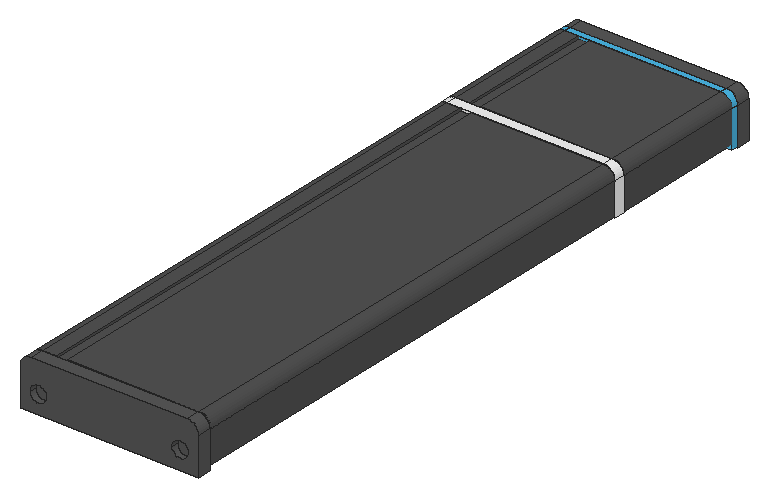
Revit family "JC KONTAKTER JCK297 SV", category Specialty Equipment, host Face, Revit 2025
Family settings
  Host = Face
  Round Connector Dimension = Use Diameter
  Part Type = Normal
  Enable Cutting in Views = Yes
  Cut with Voids When Loaded = No
  Maintain Annotation Orientation = Yes
  Shared = No
  Room Calculation Point = No
Parameters (values of type "JCK297")
  Voltage = 24 V
  Underdel = Aluminum ENAW 6060
  URL = "https://jckontakter.se/produkt/armbagskontakter-metall/armbagskontakt-led-jck297/"
  Tillverkningsland = "Sverige"
  Tekniskt produktblad = "https://jckontakter.se/wp-content/uploads/Tekniskt-produktblad_JCK297.pdf"
  Produktvikt = "0.396 kg"
  Power factor = 1
  Placering av armbågskontakt = "https://jckontakter.se/start/nyheter-och-information/armbagskontakter-placering-riktlinjer/"
  Nominell märkström = "12 V Resistive 6A Inductive L/R 5 ms 6A, 24 V Resistive 6A Inductive L/R 5 ms 5A"
  Model = "JCK297"
  Mikrobrytare = "Standard NO/NC IP67 (tre ledare)"
  Mellanvägg = POM Tenac C 4520 (Vit)
  Mikrobrytare (lås) = "Standard NO IP67 (två ledare)"
  Manufacturer = "JC Kontakter"
  Lägsta märkström = "1mA/4 V DC"
  Lock = Aluminum ENAW 6060 (Svart)
  Låslock = Aluminum ENAW 6060 (Svart)
  Lins = Akryl
  End Cap = POM Tenac C 4520
  Description = ""
  Default Elevation = 800 mm
  CE Dokument = "https://jckontakter.se/wp-content/uploads/CE_Dokument.pdf"
Reference planes
  plane 1 "Center (Front/Back)": y = 0
  plane 2: z = 0
  plane 3 "Center (Left/Right)": x = 0
  plane 4 "A": y = -154
Lines and regions (mm)
  symbolic lines
    curve 1: line (-50, 0, 50) -> (50, 0, 50)
    curve 2: line (-50, 0, 0) -> (-50, 0, 50)
    curve 3: line (50, 0, 0) -> (-50, 0, 0)
    curve 4: line (50, 0, 50) -> (50, 0, 0)
    curve 5: line (-40, 154, 0) -> (40, 154, 0)
    curve 6: line (-40, -154, 0) -> (-40, 154, 0)
    curve 7: line (40, -154, 0) -> (-40, -154, 0)
    curve 8: line (40, 154, 0) -> (40, -154, 0)
Text (mm)
  text "Ta bort denna texten innan användning.\n\nPlaceringinstruktioner:\n\n1. Ladda in i projektet.\n2. Håll muspekaren över den yta där familjen ska placeras.\n3. Om familjen visas roterad, markera alternativet \"rotera efter placering\".\n4. Klicka på den önskade ytan.\n5. Skriv in önskad vinkel.\n6. Tryck på Enter." at (123.173, 1072.34, 0), in view "Ref. Level"
Dimensions and locks
  aligned and locked: plane 2 to host face
  aligned and locked: level to host face
Nested families
  nested 1: "AK_297" at (0, -154, 0) x (1, 0, 0) z (0, 1, 0), type "AK_297", detail levels medium+fine
Connectors
  electrical at (-2.77, -1.5, 0), driven by "Power factor", driven by "Voltage"
    settings: on nested 1, index 1, voltage 24 V, apparent load 0 VA, apparent load phase1 0 VA, apparent load phase2 0 VA, apparent load phase3 0 VA, power factor 1, load classification "Other", number of poles 1, system type 31, power factor state 1, is connector primary yes, connector utility no, sub classification motor no, connector description ""
Definition of nested family "AK_297"
  Parameters (values of type "AK_297")
    Middle separator = none
    Lid (Secondary) = none
    Default Elevation = 1219.2 mm
    Core Finish = none
    URL = "https://jckontakter.se/produkt/armbagskontakter-metall/armbagskontakt-i-aluminium-jck227/"
    Model = "JCK227"  # constant formula
    Manufacturer = "JC Kontakter"  # constant formula
    Lid Finish = none
    End Cap Finish = none
    Description = "JCK227 tillhör en serie armbågskontakter med dubbla tryckytor som gör det möjligt att koppla t.ex. en extra dörr eller ett lås. JCK227 är tillverkad i silvereloxerad aluminium med svarta endcaps. Båda tryckytorna är utformade med fyra taktila rillor och fungerar som extra vägledning för personer med synnedsättning. Man kan enkelt känna sig till vart man ska trycka för att aktivera dörröppning."  # constant formula
  Reference planes
    plane 1 "Center (Front/Back)": y = 0
    plane 2: z = 0
    plane 3 "Center (Left/Right)": x = 0
    plane 4 "1": x = 40
    plane 5 "A": z = 6
    plane 6 "B": z = 302
    plane 7 "C": z = 233
  Forms (mm)
    Extrusion 1, solid, material <- "Core Finish", detail levels medium+fine
      sketch origin (40, 0, 6) x (1, 0, 0) y (0, 1, 0)
        loop
          line (-80, 0) -> (-80, -1.2) -> (-75, -1.2) -> (-75, -8.75) -> (-73.2, -8.75) -> (-73.2, -1.2) -> (-11.2, -1.2) -> (-11.2, -8.75) -> (-2.249, -8.75)
          arc (-2.249, -8.75) -> (-3.331, -3.54) -> (-8.11, -1.2) r 6.05
          line (-8.11, -1.2) -> (-5.54, -1.2) -> (-5.54, 0) -> (-80, 0)
      from 0 to 293
    Extrusion 2, solid, material <- "Lid Finish", detail levels medium+fine
      sketch origin (-40, 0, 6) x (-1, 0, 0) y (0, -1, 0)
        loop
          line (0, 6.4) -> (0, 16.83)
          arc (0, 16.83) -> (-1.464, 20.366) -> (-5, 21.83) r 5
          line (-5, 21.83) -> (-11, 21.83) -> (-11, 20.83) -> (-16, 20.83) -> (-16, 21.83) -> (-75, 21.83)
          arc (-75, 21.83) -> (-78.536, 20.366) -> (-80, 16.83) r 5
          line (-80, 16.83) -> (-80, 2.38) -> (-78.4, 2.38) -> (-78.4, 11.41) -> (-3.92, 11.41) -> (-0.92, 6.4) -> (0, 6.4)
      from 0.5 to 227
    Extrusion 3, solid, material <- "End Cap Finish", detail levels medium+fine
      sketch origin (-40, 0, 0) x (1, 0, 0) y (0, 1, 0)
        loop
          arc (0, -16.83) -> (1.464, -20.366) -> (5, -21.83) r 5
          line (5, -21.83) -> (75, -21.83)
          arc (75, -21.83) -> (78.536, -20.366) -> (80, -16.83) r 5
          line (80, -16.83) -> (80, 0) -> (0, 0) -> (0, -16.83)
      from 0 to 6
    Extrusion 4, solid, material <- "End Cap Finish", detail levels medium+fine
      sketch origin (0, 0, 302) x (-1, 0, 0) y (0, -1, 0)
        loop
          arc (40, 16.83) -> (38.536, 20.366) -> (35, 21.83) r 5
          line (35, 21.83) -> (-35, 21.83)
          arc (-35, 21.83) -> (-38.536, 20.366) -> (-40, 16.83) r 5
          line (-40, 16.83) -> (-40, 0) -> (40, 0) -> (40, 16.83)
      from 0 to 6
    Extrusion 5, solid, material <- "Lid (Secondary)", detail levels medium+fine
      sketch origin (0, 0, 233) x (-1, 0, 0) y (0, -1, 0)
        loop
          line (36.08, 11.41) -> (39.08, 6.4) -> (40, 6.4) -> (40, 16.83)
          arc (40, 16.83) -> (38.536, 20.366) -> (35, 21.83) r 5
          line (35, 21.83) -> (29, 21.83) -> (29, 20.83) -> (24, 20.83) -> (24, 21.83) -> (-35, 21.83)
          arc (-35, 21.83) -> (-38.536, 20.366) -> (-40, 16.83) r 5
          line (-40, 16.83) -> (-40, 2.38) -> (-38.4, 2.38) -> (-38.4, 11.41) -> (36.08, 11.41)
      from 5 to 66
    Extrusion 6, solid, detail levels medium+fine
      sketch origin (0, 0, 233) x (-1, 0, 0) y (0, -1, 0)
        loop
          line (-19.5, 16.33) -> (35, 16.33) -> (35, 5) -> (40, 5) -> (40, 16.83)
          arc (40, 16.83) -> (38.536, 20.366) -> (35, 21.83) r 5
          line (35, 21.83) -> (-35, 21.83)
          arc (-35, 21.83) -> (-38.536, 20.366) -> (-40, 16.83) r 5
          line (-40, 16.83) -> (-40, 2) -> (-34.897, 2)
          arc (-34.897, 2) -> (-37.462, 4.894) -> (-37.751, 8.75) r 6.05
          line (-37.751, 8.75) -> (-19.5, 8.75) -> (-19.5, 16.33)
      from 0 to 5
    Extrusion 7, solid, detail levels medium+fine
      sketch origin (0, 0, 302) x (-1, 0, 0) y (0, -1, 0)
        loop
          line (40, 0) -> (40, 16.83)
          arc (40, 16.83) -> (38.536, 20.366) -> (35, 21.83) r 5
          line (35, 21.83) -> (-35, 21.83)
          arc (-35, 21.83) -> (-38.536, 20.366) -> (-40, 16.83) r 5
          line (-40, 16.83) -> (-40, 0) -> (40, 0)
      from 0 to -3
    Extrusion 8, void
      sketch origin (0, 0, 0) x (1, 0, 0) y (0, 1, 0)
        loop
          circle (-31.75, -8.25) r 3.75
        loop
          circle (31.75, -8.25) r 3.75
      from 0 to 3
    Extrusion 9, void
      sketch origin (0, 0, 302) x (-1, 0, 0) y (0, -1, 0)
        loop
          circle (31.75, 8.25) r 3.75
        loop
          circle (-31.75, 8.25) r 3.75
      from 3 to 6
  Cuts and joins
    Extrusion 8, Extrusion 9 cuts Extrusion 3
    Extrusion 9 cuts Extrusion 4
  Dimensions and locks
    aligned and locked: level to plane 2
